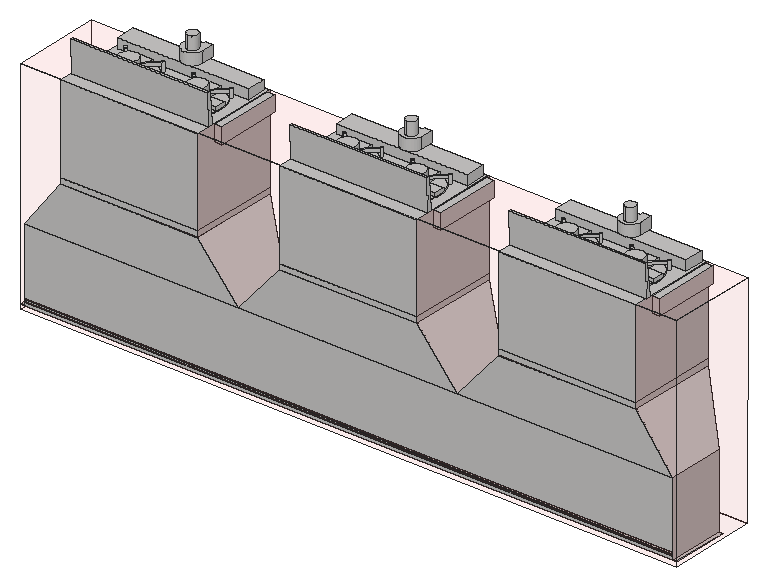
Revit family "Air-Curtain_Industrial_PoweredAire_Gas-Indirect-3Heater", category Mechanical Equipment, host Face, Revit 2018
Family settings
  Host = Face
  Round Connector Dimension = Use Diameter
  Part Type = Normal
  OmniClass Number = 23.75.35.17.21
  OmniClass Title = Air Curtains
  Cut with Voids When Loaded = No
  Shared = No
  Room Calculation Point = No
Parameters (values of type "22 ft Opening EHD 240'' Nozzle")
  topbracket [instance] = Unit Height = 1' 4 3/4"  # no
  Warranty Duration (Years) = 0
  Unit Width Notes = "Other Widths available."  # constant formula
  Unit Width = 20' - 3 3/8"
  Unit Weight = 2870
  Unit Height = 1' - 9"
  Unit Depth = 2' - 3 1/4"
  URL = "http://www.poweredaire.com/"
  Test Data = ""
  Standards Conformance = "AGA  ;  Made in USA"
  Specification = "http://www.arcat.com/sdspecs/htm04/23_34_33pai.htm"
  SpecWizard = ""
  Sound Pressure = ">71 dBA"
  Sales Information = "http://www.poweredaire.com/contact_us"
  Revision = "R1_2016-08"
  Projection from Host [instance] = 0' - 2"
  Product Properties = ""
  Product Data = "http://www.arcat.com/arcatcos/cos47/arc47623.html"
  Power Rating = 0 W
  Piping_Operating Pressure [instance] = 0.00 psi
  Pipe OD [instance] = 5/8"
  Overall Depth = 6' - 7 3/4"
  Nozzle Width = if(1 = 1, Unit Width - 0' 3", 0' 0")  # 20' - 0 3/8"
  Mounting Width = if(1 = 1, Unit Width - 0' 1 1/2", 0' 0")  # 20' - 1 7/8"
  Mounting Height [instance] = 3' - 6"
  Motor RPM = 1160
  Motor HP = 5
  Motor Count = 4
  Model = "EHD-4-240IG"
  Max Height = 22' - 0"
  Manufacturer Website = "http://www.poweredaire.com/"
  Manufacturer Phone - Toll Free = "888-321-2473"
  Manufacturer Phone = "724-588-3305"
  Manufacturer Fax = "724-588-3371"
  Manufacturer Address = "109 Mortensen Rd.  Greenville, PA 16125"
  Manufacturer = "Powered Aire, Inc"
  Maintenance Schedule (Months) = 0
  Keynote = "23 34 33"
  Installation-Fabrication = ""
  Installation Phase = ""
  Include Clearance [instance] = yes
  Heating Element Load = 0 W
  Heater Weight = 0
  Heater Hanging Width = 4' - 0 5/8"
  Heater Finish [instance] = Metal - Steel - PoweredAire - Stainless 304
  HVAC_Temperature Rise = 27 °F
  HVAC_Primary CFM = 0 CFM
  HVAC_Outlet Volume = 29100 CFM
  HVAC_Outlet Velocity Uniformity = 0.95
  HVAC_Outlet Velocity = 4400 FPM
  HVAC_Exit Temperature [instance] = 0 °F
  HVAC_BTU Output = 840000.0 Btu/h
  HVAC_BTU Input = 350000.0 Btu/h
  Green Building-LEED = "http://www.arcat.com/green/clients/leed_data_47623.html"
  Gas Connection Diameter [instance] = 0"
  Frame Finish [instance] = Metal - Steel - PoweredAire - Stainless 304
  Expected Lifespan (Years) = 0
  Exhaust Connection Diameter = 0' - 6"
  Electrical_Wattage [instance] = Power Rating + Heating Element Load  # 0 W
  Electrical_Voltage [instance] = 0 V
  Electrical_Phase [instance] = 1
  Electrical_Frequency [instance] = 0 Hz
  Electrical_Amperage [instance] = 0 A
  Drawn By = "Sumex Design, Inc. / Robert S. Weygant, CSI, CDT, SCIP"
  Description = "Powered Aire Indirect Gas Heated Industrial Air Curtain - EHD-4-240IG as Specified"
  Default Elevation = 0' - 0"  # constant formula
  Copyright = "©Arcat Inc."
  Construction Details = "http://www.arcat.com/details/powair/prod3336.html"
  Clearance_Top [instance] = 1' - 0"
  Clearance_Side B [instance] = 0' - 0"
  Clearance_Side A [instance] = 0' - 0"
  Clearance_Intake [instance] = 0' - 0"
  Clearance_Bottom [instance] = 0' - 0"
  Clearance Material [instance] = ARCAT Clearance
  Building Codes = ""
  Available Options [instance] = "as Specified"
  Assembly Code = "D3090400"
Types (5): name | Unit Width | Unit Weight | Sound Pressure | Nozzle Width | Mounting Width | Motor HP | Motor Count | Model | Max Height | HVAC_Temperature Rise | HVAC_Outlet Volume | HVAC_Outlet Velocity Uniformity | HVAC_Outlet Velocity | Description
  22 ft Opening EHD 240'' Nozzle | 20' - 3 3/8" | 2870 | ">71 dBA" | 20' - 0 3/8" | 20' - 1 7/8" | 5 | 4 | "EHD-4-240IG" | 22' - 0" | 27 °F | 29100 CFM | 0.95 | 4400 FPM | "Powered Aire Indirect Gas Heated Industrial Air Curtain - EHD-4-240IG as Specified"
  22 ft Opening EHD 228'' Nozzle | 19' - 3 3/8" | 2800 | ">71 dBA" | 19' - 0 3/8" | 19' - 1 7/8" | 5 | 4 | "EHD-4-228IG" | 22' - 0" | 27 °F | 28300 CFM | 0.94 | 4800 FPM | "Powered Aire Indirect Gas Heated Industrial Air Curtain - EHD-4-228IG as Specified"
  17 ft Opening TSD 240'' Nozzle 5 Motor | 20' - 3 1/2" | 2550 | ">69 dBA" | 20' - 0 1/2" | 20' - 2" | 3 | 5 | "TSD-5-240IG" | 17' - 0" | 34 °F | 25900 CFM | 0.951 | 3900 FPM | "Powered Aire Indirect Gas Heated Industrial Air Curtain - TSD-5-240IG as Specified"
  17 ft Opening TSD 240'' Nozzle 4 Motor | 20' - 3 3/8" | 2330 | ">69 dBA" | 20' - 0 3/8" | 20' - 1 7/8" | 3 | 4 | "TSD-4-240IG" | 17' - 0" | 38 °F | 21500 CFM | 0.863 | 3300 FPM | "Powered Aire Indirect Gas Heated Industrial Air Curtain - TSD-4-240IG as Specified"
  17 ft Opening TSD 228'' Nozzle | 19' - 3 3/8" | 2310 | ">69 dBA" | 19' - 0 3/8" | 19' - 1 7/8" | 3 | 4 | "TSD-4-228IG" | 17' - 0" | 40 °F | 20800 CFM | 0.863 | 3300 FPM | "Powered Aire Indirect Gas Heated Industrial Air Curtain - TSD-4-228IG as Specified"
Reference planes (in)
  plane 1 "Center (Elevation)": y = 0.13818
  plane 2: z = 0
  plane 3 "Center (Left/Right)": x = 0
  plane 4 "Top": y = 10.63818
  plane 5: y = -10.36182
  plane 6: x = -121.6875
  plane 7: x = 121.6875
  plane 8 "Front": z = 29.25
  plane 9 "FF": y = -41.86182
  plane 10: z = 2
  plane 11: x = 120.1875
  plane 12: x = -120.1875
  plane 13: y = 22.63818
  plane 14: y = -10.36182
  plane 15: x = -121.6875
  plane 16: x = 121.6875
  plane 17: z = 81.75
  plane 18: x = 120.125
  plane 19: x = -120.125
  plane 20: x = 120.1875
  plane 21: x = 120.1875
  plane 22: y = 8.13818
  plane 23: y = -7.86182
  plane 24: z = 81.75
  plane 25: z = 49.25
  plane 26: z = 47.25
  plane 27: x = -56.8125
  plane 28: x = -105.4375
  plane 29: x = -55.75
  plane 30: x = -106.5
  plane 31: x = 56.8125
  plane 32: x = 105.4375
  plane 33: x = 55.75
  plane 34: x = 106.5
  plane 35: x = -81.125
  plane 36: x = 81.125
  plane 37: x = -24.3125
  plane 38: x = 24.3125
  plane 39: x = -25.375
  plane 40: x = 25.375
  plane 41: x = -40.5625
  plane 42: x = 40.5625
Forms (in)
  Extrusion 1, solid, material "Metal - Steel - PoweredAire - Stainless 304" <- "Frame Finish"
    sketch origin (0, 0, 0) x (0, 1, 0) y (0, 0, 1)
      loop
        line (-10.36182, 2) -> (10.63818, 2) -> (10.63818, 29.25) -> (-10.36182, 29.25) -> (-10.36182, 2)
    from -120.1875 to 120.1875
  Extrusion 2, solid, material "ARCAT Clearance" <- "Clearance Material", visible <- "Include Clearance"
    sketch origin (0, 0, 0) x (0, 1, 0) y (0, 0, 1)
      loop
        line (-10.36182, 81.75) -> (-10.36182, 0) -> (22.63818, 0) -> (22.63818, 81.75) -> (-10.36182, 81.75)
    from -121.6875 to 121.6875
  Extrusion 3, solid, material "Metal - Steel - PoweredAire - Stainless 304" <- "Frame Finish"
    sketch origin (-15.17702, -180, 2) x (-1, 0, 0) y (0, -1, 0)
      loop
        line (-135.36452, -190.63818) -> (-135.36452, -169.63818) -> (-136.86452, -169.63818) -> (-136.86452, -190.63818) -> (-135.36452, -190.63818)
      loop
        line (105.01048, -190.63818) -> (106.51048, -190.63818) -> (106.51048, -169.63818) -> (105.01048, -169.63818) -> (105.01048, -190.63818)
    from 0 to 0.125
  Extrusion 4, solid, material "Metal - Steel - PoweredAire - Stainless 304" <- "Frame Finish", visible <- "topbracket"
    sketch origin (-11.83813, 10.63818, 48) x (-1, 0, 0) y (0, 0, 1)
      loop
        line (-132.02563, -45.5) -> (-132.02563, -42.75) -> (-133.52563, -42.75) -> (-133.52563, -45.5) -> (-132.02563, -45.5)
      loop
        line (-132.02563, -21.5) -> (-132.02563, -18.75) -> (-133.52563, -18.75) -> (-133.52563, -21.5) -> (-132.02563, -21.5)
      loop
        line (108.34937, -45.5) -> (109.84937, -45.5) -> (109.84937, -42.75) -> (108.34937, -42.75) -> (108.34937, -45.5)
      loop
        line (108.34937, -21.5) -> (109.84937, -21.5) -> (109.84937, -18.75) -> (108.34937, -18.75) -> (108.34937, -21.5)
    from 0 to -0.125
  Extrusion 5, void
    sketch origin (0, 0, 0) x (0, 1, 0) y (0, 0, 1)
      loop
        line (-10.36182, 3) -> (-9.36182, 3) -> (-9.36182, 4.5) -> (-10.36182, 4.5) -> (-10.36182, 3.82425) -> (-9.50864, 3.82425) -> (-9.50864, 3.57425) -> (-10.36182, 3.57425) -> (-10.36182, 3)
    from -120.125 to 120.125
  Blend 6, solid, material "Metal - Steel - PoweredAire - Stainless 304" <- "Frame Finish"
    base sketch origin (-15.17702, -180, 29.25) x (-1, 0, 0) y (0, -1, 0)
      loop
        line (105.01048, -190.63818) -> (105.01048, -169.63818) -> (25.38548, -169.63818) -> (25.38548, -190.63818) -> (105.01048, -190.63818)
    top sketch origin (-15.17702, -180, 29.25) x (-1, 0, 0) y (0, -1, 0)
      loop
        line (40.57298, -169.63818) -> (40.57298, -202.63818) -> (91.32298, -202.63818) -> (91.32298, -169.63818) -> (40.57298, -169.63818)
    from 0 to 18
  Blend 7, solid, material "Metal - Steel - PoweredAire - Stainless 304" <- "Frame Finish"
    base sketch origin (15.17702, -180, 29.25) x (1, 0, 0) y (0, 1, 0)
      loop
        line (105.01048, 190.63818) -> (25.38548, 190.63818) -> (25.38548, 169.63818) -> (105.01048, 169.63818) -> (105.01048, 190.63818)
    top sketch origin (15.17702, -180, 29.25) x (1, 0, 0) y (0, 1, 0)
      loop
        line (91.32298, 169.63818) -> (91.32298, 202.63818) -> (40.57298, 202.63818) -> (40.57298, 169.63818) -> (91.32298, 169.63818)
    from 0 to 18
  Blend 8, solid, material "Metal - Steel - PoweredAire - Stainless 304" <- "Frame Finish"
    base sketch origin (-61.94798, -180, 29.25) x (1, 0, 0) y (0, 1, 0)
      loop
        line (102.51048, 190.63818) -> (21.38548, 190.63818) -> (21.38548, 169.63818) -> (102.51048, 169.63818) -> (102.51048, 190.63818)
    top sketch origin (-61.94798, -180, 29.25) x (1, 0, 0) y (0, 1, 0)
      loop
        line (36.57298, 169.63818) -> (87.32298, 169.63818) -> (87.32298, 202.63818) -> (36.57298, 202.63818) -> (36.57298, 169.63818)
    from 0 to 18
Cuts and joins
  Extrusion 5 cuts Extrusion 1
Dimensions and locks (in)
  equal spacing: plane 4 "Top", plane 1 "Center (Elevation)", plane 5
  "Unit Height": plane 4 "Top" to plane 5
  "Unit Width": plane 6 to plane 7
  "Mounting Height": plane 1 "Center (Elevation)" to plane 9 "FF"
  "Projection from Host": plane 10 to level
  "Unit Depth": plane 8 "Front" to plane 10
  locked: plane 6 to plane 12 at 1.5
  locked: plane 11 to plane 7 at 1.5
  "Clearance_Side A": plane 7 to plane 16
  "Clearance_Side B": plane 15 to plane 6
  "Clearance_Top": plane 13 to plane 4 "Top"
  "Clearance_Bottom": plane 5 to plane 14
  "Clearance_Intake": plane 17 to plane 24
  Extrusion 5 sketch curve to Extrusion 5 sketch curve to Extrusion 5 sketch curve to Extrusion 5 sketch curve to plane 10 = 0' - 0.67575" locked, 0' - 0 1/4" locked, 0' - 0.57425" locked, 0' - 1" locked
  plane 5 to Extrusion 5 sketch curve to Extrusion 5 sketch curve = 0' - 0.85319" locked, 0' - 0.14681" locked
  locked: plane 19 to plane 12 at 0.0625
  locked: plane 11 to plane 18 at 0.0625
  locked: plane 20 to plane 11
  locked: plane 21 to plane 11
  locked: plane 4 "Top" to plane 22 at 2.5
  locked: plane 23 to plane 5 at 2.5
  "Overall Depth": plane 24 to plane 10
  locked: plane 25 to plane 26 at 2
  locked: plane 24 to plane 25 at 32.5
  locked: Blend 6 sketch curve to plane 5 at 33
  Extrusion 4 sketch curve to Extrusion 4 sketch curve to plane 10 = 0' - 2 3/4" locked, 0' - 0 1/2" locked  (x2)
  plane 8 "Front" to Extrusion 4 sketch curve to Extrusion 4 sketch curve = 0' - 0" locked, 0' - 2 3/4" locked  (x2)
  locked: plane 30 to plane 28 at 1.0625
  locked: plane 27 to plane 29 at 1.0625
  locked: plane 32 to plane 34 at 1.0625
  locked: plane 33 to plane 31 at 1.0625
  "Heater Hanging Width": plane 28 to plane 27
  equal spacing: plane 31, plane 36, plane 32
  "Heater Hanging Width": plane 31 to plane 32
  locked: Blend 7 sketch curve to plane 5 at 33
  locked: plane 38 to plane 40 at 1.0625
  locked: plane 39 to plane 37 at 1.0625
  equal spacing: plane 37, plane 3 "Center (Left/Right)", plane 38
  "Heater Hanging Width": plane 37 to plane 38
  equal spacing: plane 28, plane 35, plane 27
  equal spacing: plane 6, plane 35, plane 41, plane 3 "Center (Left/Right)", plane 42, plane 36, plane 7
  locked: Blend 8 sketch curve to plane 5 at 33
  aligned and locked: plane 2 to host face
  aligned and locked: level to host face
  aligned and locked: Extrusion 2 sketch curve to plane 17
  aligned and locked: plane 14 to Extrusion 2 sketch curve
  aligned and locked: level to Extrusion 2 sketch curve
  aligned and locked: Extrusion 2 sketch curve to plane 13
  aligned and locked: plane 16 to Extrusion 2
  aligned and locked: Extrusion 2 to plane 15
  aligned and locked: plane 11 to Extrusion 1
  aligned and locked: Extrusion 1 to plane 12
  aligned and locked: Extrusion 1 sketch curve to plane 8 "Front"
  aligned and locked: plane 24 to nested 1
  aligned and locked: plane 5 to Blend 6 sketch curve
  aligned and locked: plane 12 to Blend 6 sketch curve
  aligned and locked: Blend 6 sketch curve to plane 4 "Top"
  aligned and locked: Blend 6 sketch curve to plane 5
  aligned and locked: plane 26 to Blend 6
  aligned and locked: plane 35 to nested 1
  aligned and locked: plane 36 to nested 2
  aligned and locked: nested 2 to plane 24
  aligned and locked: plane 5 to Blend 7 sketch curve
  aligned and locked: plane 11 to Blend 7 sketch curve
  aligned and locked: Blend 7 sketch curve to plane 4 "Top"
  aligned and locked: plane 33 to Blend 7 sketch curve
  aligned and locked: Blend 7 sketch curve to plane 5
  aligned and locked: Blend 7 sketch curve to plane 34
  aligned and locked: plane 18 to cut or joined group of Extrusion 1, Extrusion 5
  aligned and locked: cut or joined group of Extrusion 1, Extrusion 5 to plane 19
  aligned and locked: plane 3 "Center (Left/Right)" to nested 3
  aligned and locked: plane 24 to nested 3
  aligned and locked: Blend 6 sketch curve to plane 41
  aligned and locked: Blend 7 sketch curve to plane 42
  aligned and locked: plane 30 to Blend 6 sketch curve
  aligned and locked: Blend 6 sketch curve to plane 29
  aligned and locked: Blend 8 sketch curve to plane 41
  aligned and locked: plane 42 to Blend 8 sketch curve
  aligned and locked: Blend 8 sketch curve to plane 5
  aligned and locked: Blend 8 sketch curve to plane 4 "Top"
  aligned and locked: Blend 8 sketch curve to plane 39
  aligned and locked: plane 40 to Blend 8 sketch curve
  aligned and locked: plane 26 to Blend 8
Automatic sketch dimensions
  host sketch curve to host sketch curve = 8' - 0"  (x2)
  Extrusion 1 sketch curve to plane 5 = 0' - 0"
  Extrusion 1 sketch curve to plane 4 "Top" = 0' - 0"
  Extrusion 1 sketch curve to plane 10 = 0' - 0"
  plane 4 "Top" to Extrusion 3 sketch curve = 0' - 0"
  Extrusion 3 sketch curve to plane 7 = 0' - 0"
  plane 5 to Extrusion 3 sketch curve = 0' - 0"
  Extrusion 3 sketch curve to plane 11 = 0' - 0"
  Extrusion 3 sketch curve to plane 4 "Top" = 0' - 0"
  Extrusion 3 sketch curve to plane 12 = 0' - 0"
  Extrusion 3 sketch curve to plane 6 = 0' - 0"
  Extrusion 3 sketch curve to plane 5 = 0' - 0"
  Extrusion 4 sketch curve to plane 7 = 0' - 0"  (x2)
  Extrusion 4 sketch curve to plane 11 = 0' - 0"  (x2)
  Extrusion 4 sketch curve to plane 12 = 0' - 0"  (x2)
  Extrusion 4 sketch curve to plane 6 = 0' - 0"  (x2)
  Extrusion 5 sketch curve to plane 5 = 0' - 0"  (x2)
  Blend 8 sketch curve to plane 5 = 0' - 0"
Nested families (in)
  nested 1: "Heater" at (-81.125, -10.36182, 49.2987) x (1, 0, 0) z (0, 1, 0), finish <- "Heater Finish", burner width <- "Heater Hanging Width", type "Heater"
    with finish Metal - Steel - PoweredAire - Stainless 304, burner width 4' - 0 5/8", Two Fan yes, One Fan no
  nested 2: "Heater" at (81.125, -10.36182, 49.2987) x (1, 0, 0) z (0, 1, 0), finish <- "Heater Finish", burner width <- "Heater Hanging Width", type "Heater"
    with finish Metal - Steel - PoweredAire - Stainless 304, burner width 4' - 0 5/8", Two Fan yes, One Fan no
  nested 3: "Heater" at (0, -10.36182, 49.2987) x (1, 0, 0) z (0, 1, 0), finish <- "Heater Finish", burner width <- "Heater Hanging Width", type "Heater"
    with finish Metal - Steel - PoweredAire - Stainless 304, burner width 4' - 0 5/8", Two Fan yes, One Fan no
Connectors (in)
  electrical at (-120.1875, 0.13818, 15.625), driven by "Electrical_Voltage", driven by "Electrical_Phase"
    settings: on cut or joined group of Extrusion 1, Extrusion 5, index 3, voltage 0 V, apparent load 0 VA, apparent load phase1 0 VA, apparent load phase2 0 VA, apparent load phase3 0 VA, power factor 1, load classification "Motor", number of poles 1, system type 31, power factor state 1, is connector primary yes, connector utility no, sub classification motor no, connector description ""
  hvac at (-78.125, 22.63818, 87.40625), driven by "Exhaust Connection Diameter", driven by "HVAC_Primary CFM"
    settings: on nested 1, index 4, duct flow 0 CFM, flow factor 0, pres drop 0.00 in-wg, loss coef 0, conn angle 0.00°, conn width 12", conn height 12", conn diameter 6", duct sys type 3, conn prof type 0, flow config 0, flow direction 2, loss method 0, conn ref index -1, conn util no, is conn primary yes, conn desc ""
  hvac at (84.125, 22.63818, 87.40625), driven by "HVAC_Primary CFM", driven by "Exhaust Connection Diameter"
    settings: on nested 2, index 5, duct flow 0 CFM, flow factor 0, pres drop 0.00 in-wg, loss coef 0, conn angle 0.00°, conn width 12", conn height 12", conn diameter 6", duct sys type 3, conn prof type 0, flow config 0, flow direction 2, loss method 0, conn ref index -1, conn util no, is conn primary no, conn desc ""
  hvac at (3, 22.63818, 87.40625), driven by "HVAC_Primary CFM", driven by "Exhaust Connection Diameter"
    settings: on nested 3, index 6, duct flow 0 CFM, flow factor 0, pres drop 0.00 in-wg, loss coef 0, conn angle 0.00°, conn width 12", conn height 12", conn diameter 6", duct sys type 3, conn prof type 0, flow config 0, flow direction 2, loss method 0, conn ref index -1, conn util no, is conn primary no, conn desc ""
Definition of nested family "Heater"
  Parameters
    finish [instance] = none
    burner width [instance] = 4' - 0 5/8"
    burner depth = 3' - 8 3/4"
    Two Fan [instance] = burner width > 4' 0"  # yes
    One Fan [instance] = burner width < 4' 0"  # no
    Default Elevation = 0' - 0"  # constant formula
  Reference planes (in)
    plane 1 "Center (Front/Back)": y = 0
    plane 2: z = 0
    plane 3 "Center (Left/Right)": x = 0
    plane 4: x = -25.375
    plane 5: x = 25.375
    plane 6: z = 33
    plane 7: y = -44.75
    plane 8: x = 3
    plane 9: x = 4.375
    plane 10: x = -12.6875
    plane 11: x = 12.6875
    plane 12: z = 15.5
    plane 13: x = -24.3125
    plane 14: x = 24.3125
  Forms (in)
    Extrusion 1, solid, material <- "finish"
      sketch origin (-74.94554, -3, 38.65968) x (0, 0, 1) y (1, 0, 0)
        loop
          line (-5.65968, 49.57054) -> (-5.65968, 100.32054) -> (-38.65968, 100.32054) -> (-38.65968, 49.57054) -> (-5.65968, 49.57054)
      from 3 to -29.4513
    Extrusion 2, solid, material <- "finish"
      sketch origin (0, 0, 0) x (0, 1, 0) y (0, 0, 1)
        loop
          line (2, 0) -> (2, 33) -> (0, 33) -> (0, 0) -> (2, 0)
      from -25.375 to 25.375
    Extrusion 3, solid, material <- "finish"
      sketch origin (-74.94554, -32.4513, 38.65968) x (0, 0, 1) y (1, 0, 0)
        loop
          line (-6.91591, 50.82971) -> (-6.91591, 99.10844) -> (-13.91591, 99.10844) -> (-13.91591, 50.82971) -> (-6.91591, 50.82971)
      from 0 to -3.625
    Extrusion 4, solid, material <- "finish"
      sketch origin (-74.94554, -36.0763, 38.65968) x (0, 0, 1) y (1, 0, 0)
        loop
          arc (-10.4052, 79.32054) -> (-12.67312, 72.60509) -> (-6.79809, 76.57054) r 3.74068
          line (-6.79809, 76.57054) -> (-5.65968, 76.57054) -> (-5.65968, 79.32054) -> (-10.4052, 79.32054)
      from 0 to -4.0625
    Extrusion 5, solid, material <- "finish"
      sketch origin (-73.58006, -40.1388, 35.52564) x (0, 0, -1) y (1, 0, 0)
        loop
          circle (7.27116, 74.21438) r 2
      from 4.6112 to 0
    Extrusion 6, solid, material <- "finish"
      sketch origin (0, 0, 0) x (1, 0, 0) y (0, 1, 0)
        loop
          line (28.3125, -32.4513) -> (28.3125, -26.7013) -> (25.3125, -26.7013) -> (25.3125, -32.4513) -> (28.3125, -32.4513)
      from 7.25 to 31.75
    Extrusion 7, solid, material <- "finish", visible <- "Two Fan"
      sketch origin (0, 0, 0) x (0, 1, 0) y (0, 0, 1)
        loop
          line (-32.4513, 6.22268) -> (-44.15658, 5.1986) -> (-44.15658, 4.4486) -> (-32.4513, 4.85736) -> (-32.4513, 6.22268)
      from -25.375 to 25.375
  Dimensions and locks (in)
    locked: Extrusion 4 sketch curve to Extrusion 4 sketch curve at 2.75
    "burner width": plane 13 to plane 14
    locked: plane 6 to level at 33
    "burner depth": plane 7 to plane 1 "Center (Front/Back)"
    locked: plane 8 to plane 9 at 1.375
    Extrusion 4 sketch curve to Extrusion 4 sketch curve to plane 8 = 0' - 0.99068" locked, 0' - 1 3/8" locked
    locked: Extrusion 5 sketch curve to plane 8 at 2.36568
    locked: plane 8 to plane 3 "Center (Left/Right)" at 3
    Extrusion 6 sketch curve to plane 5 to Extrusion 6 sketch curve = 0' - 0 1/16" locked, 0' - 2 15/16" locked
    equal spacing: plane 5, plane 11, plane 3 "Center (Left/Right)", plane 10, plane 4
    locked: plane 4 to plane 13 at 1.0625
    locked: plane 14 to plane 5 at 1.0625
    aligned and locked: plane 2 to level
    aligned: Extrusion 4 to Extrusion 5
    aligned: Extrusion 3 to Extrusion 2  (x2)
    aligned and locked: plane 7 to Extrusion 5
    aligned and locked: plane 4 to Extrusion 1 sketch curve
    aligned and locked: Extrusion 1 sketch curve to plane 5
    aligned and locked: Extrusion 7 to plane 4
    aligned and locked: plane 5 to Extrusion 7
    aligned and locked: plane 12 to nested 1
    aligned and locked: plane 3 "Center (Left/Right)" to nested 1
    aligned and locked: plane 12 to nested 3
    aligned and locked: plane 11 to nested 3
    aligned and locked: plane 10 to nested 2
    aligned and locked: plane 12 to nested 2
    aligned and locked: plane 5 to Extrusion 2
    aligned and locked: Extrusion 2 to plane 4
  Automatic sketch dimensions
    Extrusion 1 to Extrusion 3 sketch curve = 0' - 1.25917"
    Extrusion 1 to Extrusion 3 sketch curve = 0' - 8.25624"
    Extrusion 1 to Extrusion 3 sketch curve = 0' - 1.2121"
    Extrusion 1 to Extrusion 3 sketch curve = 0' - 1.25624"
    Extrusion 4 sketch curve to Extrusion 3 = 0' - 0.11782"
    Extrusion 4 sketch curve to Extrusion 3 = 0' - 1.25624"
    Extrusion 5 sketch curve to Extrusion 4 = 0' - 4.74552"
    Extrusion 1 sketch curve to level = 0' - 0"
    Extrusion 1 sketch curve to plane 6 = 0' - 0"
    Extrusion 2 sketch curve to level = 0' - 0"
    Extrusion 2 sketch curve to plane 1 "Center (Front/Back)" = 0' - 0"
    Extrusion 2 sketch curve to plane 6 = 0' - 0"
    Extrusion 2 sketch curve to Extrusion 2 sketch curve = 0' - 2"
    Extrusion 6 sketch curve to plane 7 = 1' - 0.2987"
    Extrusion 6 sketch curve to Extrusion 6 sketch curve = 0' - 5 3/4"
    Extrusion 7 sketch curve to plane 7 = 0' - 0.59342"
    level to Extrusion 7 sketch curve = 0' - 4.4486"
    Extrusion 7 sketch curve to Extrusion 7 sketch curve = 0' - 0 3/4"
    level to Extrusion 7 sketch curve = 0' - 4.85736"
    Extrusion 7 sketch curve to Extrusion 7 sketch curve = 0' - 11.70529"
    Extrusion 7 sketch curve to Extrusion 7 sketch curve = 0' - 1.36532"
    radius of Extrusion 5 sketch curve = 0' - 2"
  Nested families (in)
    nested 1: "FanControls" at (0, -32.4513, 15.5) x (1, 0, 0) z (0, -1, 0), finish <- "finish", visible <- "One Fan", type "FanControls"
      with finish none
    nested 2: "FanControls" at (-12.6875, -32.4513, 15.5) x (1, 0, 0) z (0, -1, 0), finish <- "finish", visible <- "Two Fan", type "FanControls"
      with finish none
    nested 3: "FanControls" at (12.6875, -32.4513, 15.5) x (1, 0, 0) z (0, -1, 0), finish <- "finish", visible <- "Two Fan", type "FanControls"
      with finish none
  Definition of nested family "FanControls"
    Parameters
      finish [instance] = none
      Default Elevation = 4' - 0"
    Reference planes (in)
      plane 1 "Center (Front/Back)": y = 0
      plane 2: z = 0
      plane 3 "Center (Left/Right)": x = 0
    Forms (in)
      Extrusion 1, solid, material <- "finish"
        sketch origin (-75.00804, 32.07233, 0) x (1, 0, 0) y (0, -1, 0)
          loop
            circle (75.00804, 32.07233) r 3.25
        from -5.33075 to 0
      Extrusion 2, solid, material <- "finish"
        sketch origin (24.44581, -78.06044, 0) x (1, 0, 0) y (0, -1, 0)
          loop
            line (-22.50831, -86.58776) -> (-22.50831, -81.58776) -> (-26.50831, -81.58776) -> (-26.50831, -86.58776) -> (-22.50831, -86.58776)
          loop
            line (-22.50831, -69.53312) -> (-26.50831, -69.53312) -> (-26.50831, -74.53312) -> (-22.50831, -74.53312) -> (-22.50831, -69.53312)
          loop
            line (-15.98099, -76.06044) -> (-20.98099, -76.06044) -> (-20.98099, -80.06044) -> (-15.98099, -80.06044) -> (-15.98099, -76.06044)
          loop
            line (-33.03563, -76.06044) -> (-33.03563, -80.06044) -> (-28.03563, -80.06044) -> (-28.03563, -76.06044) -> (-33.03563, -76.06044)
        from 0 to -1.37288
      Extrusion 3, solid, material <- "finish"
        sketch origin (-75.00804, 21.40968, 0) x (1, 0, 0) y (0, -1, 0)
          loop
            line (68.02536, 14.95733) -> (68.55569, 14.427) -> (75.00804, 20.87935) -> (81.46039, 14.427) -> (81.99072, 14.95733) -> (75.53837, 21.40968) -> (81.99072, 27.86203) -> (81.46039, 28.39236) -> (75.00804, 21.94001) -> (68.55569, 28.39236) -> (68.02536, 27.86203) -> (74.47771, 21.40968) -> (68.02536, 14.95733)
        from -3.1123 to -2
      Extrusion 4, solid, material <- "finish"
        sketch origin (-75.00804, 21.40968, 0) x (1, 0, 0) y (0, -1, 0)
          loop
            line (68.02536, 13.89667) -> (68.55569, 14.427) -> (68.02536, 14.95733) -> (67.49503, 14.427) -> (68.02536, 13.89667)
          loop
            line (82.52105, 14.427) -> (81.99072, 14.95733) -> (81.46039, 14.427) -> (81.99072, 13.89667) -> (82.52105, 14.427)
          loop
            line (81.99072, 28.92269) -> (81.46039, 28.39236) -> (81.99072, 27.86203) -> (82.52105, 28.39236) -> (81.99072, 28.92269)
          loop
            line (67.49503, 28.39236) -> (68.02536, 27.86203) -> (68.55569, 28.39236) -> (68.02536, 28.92269) -> (67.49503, 28.39236)
        from 0 to -3.1123
      Extrusion 5, solid, material <- "finish"
        sketch origin (0, 0, 0) x (1, 0, 0) y (0, 1, 0)
          loop
            circle (0, 0) r 9
        from 0 to 0.14961
    Dimensions and locks (in)
      Extrusion 4 sketch curve to Extrusion 4 sketch curve to Extrusion 4 sketch curve to Extrusion 4 sketch curve = 0' - 0.53033" locked, 0' - 0" locked, 0' - 0.53033" locked  (x4)
      Extrusion 3 sketch curve to Extrusion 3 sketch curve to Extrusion 3 sketch curve to Extrusion 3 sketch curve to Extrusion 3 sketch curve = 0' - 5.92202" locked, 0' - 0" locked, 0' - 0.53033" locked, 0' - 0" locked
      Extrusion 3 sketch curve to Extrusion 3 sketch curve to Extrusion 3 sketch curve to Extrusion 3 sketch curve to Extrusion 3 sketch curve = 0' - 0" locked, 0' - 0.53033" locked, 0' - 0" locked, 0' - 5.92202" locked
      locked: Extrusion 2 sketch curve to Extrusion 2 sketch curve at 5  (x2)
      aligned and locked: plane 2 to level
